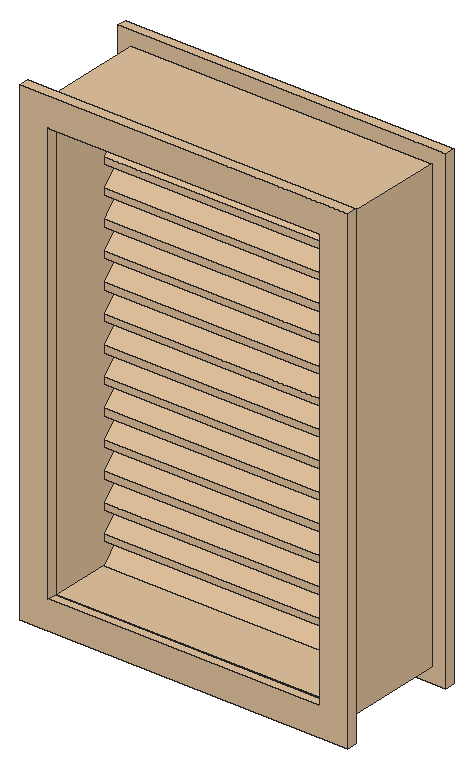
Revit family
Parameters (values of type "0406 x 0610mm")
  프레임 재료 = 목재 - 자작나무
  미늘창 재료 = 목재 - 자작나무
  기본 씰 높이 = 915.00 mm
  자르기 외부 재료 = 목재 - 자작나무
  자르기 내부 재료 = 목재 - 자작나무
  자르기 투영 - 외부 = 13.00 mm
  자르기 투영 - 내부 = 13.00 mm
  자르기 폭 - 외부 = 38.00 mm
  자르기 폭 - 내부 = 38.00 mm
  Wall Closure = (empty or 0)
  Width = 406.00 mm
Types (3, lengths in mm): name | Width
  (no name) | 406.00
  0610 x 0610mm | 610.00
  0406 x 0610mm | 406.00
Reference planes
  plane 1: y = 0
  plane 2: z = 0
  plane 3 "중심": x = 0
  plane 4 "왼쪽": x = -203
  plane 5 "오른쪽": x = 203
  plane 6 "씰": z = 915
  plane 7 "상단": z = 1524.6
  plane 8: y = 69.85
  plane 9: y = -82.55
  plane 10: x = -183.95
  plane 11: x = -221.95
  plane 12: x = -221.95
  plane 13: x = 221.95
  plane 14: x = 221.95
  plane 15: x = 183.95
  plane 16: z = 1543.55
  plane 17: z = 1543.55
  plane 18: z = 1505.55
  plane 19: z = 934.05
  plane 20: z = 896.05
  plane 21: z = 896.05
  plane 22: y = -1.992
Forms (mm)
  Extrusion 1, solid, material "목재 - 자작나무" <- "프레임 재료"
    sketch origin (0, 0, 0) x (1, 0, 0) y (0, 0, 1)
      loop
        line (-203, 1524.6) -> (-203, 915) -> (203, 915) -> (203, 1524.6) -> (-203, 1524.6)
      loop
        line (-183.95, 1505.55) -> (-183.95, 934.05) -> (183.95, 934.05) -> (183.95, 1505.55) -> (-183.95, 1505.55)
    from -69.85 to 82.55
  Extrusion 2, solid, material "목재 - 자작나무" <- "자르기 내부 재료"
    sketch origin (0, 0, 0) x (1, 0, 0) y (0, 0, 1)
      loop
        line (-183.95, 1505.55) -> (-183.95, 934.05) -> (183.95, 934.05) -> (183.95, 1505.55) -> (-183.95, 1505.55)
      loop
        line (-221.95, 1543.55) -> (-221.95, 896.05) -> (221.95, 896.05) -> (221.95, 1543.55) -> (-221.95, 1543.55)
    from 82.55 to 95.55
  Extrusion 3, solid, material "목재 - 자작나무" <- "자르기 외부 재료"
    sketch origin (0, 0, 0) x (-1, 0, 0) y (0, 0, 1)
      loop
        line (-183.95, 1505.55) -> (-183.95, 934.05) -> (183.95, 934.05) -> (183.95, 1505.55) -> (-183.95, 1505.55)
      loop
        line (-221.95, 1543.55) -> (-221.95, 896.05) -> (221.95, 896.05) -> (221.95, 1543.55) -> (-221.95, 1543.55)
    from 69.85 to 82.85
  Extrusion 4, solid, material "목재 - 자작나무" <- "미늘창 재료"
    sketch origin (0, 0, 0) x (0, -1, 0) y (0, 0, 1)
      loop
        line (-69.85, 934.05) -> (-60.87, 934.05) -> (-33.929, 960.991) -> (-6.988, 934.05) -> (1.992, 934.05) -> (-33.929, 969.971) -> (-69.85, 934.05)
      loop
        line (-69.85, 972.15) -> (-69.85, 963.17) -> (-33.929, 999.091) -> (1.992, 963.17) -> (1.992, 972.15) -> (-33.929, 1008.071) -> (-69.85, 972.15)
      loop
        line (-69.85, 1010.25) -> (-69.85, 1001.27) -> (-33.929, 1037.191) -> (1.992, 1001.27) -> (1.992, 1010.25) -> (-33.929, 1046.171) -> (-69.85, 1010.25)
      loop
        line (-69.85, 1048.35) -> (-69.85, 1039.37) -> (-33.929, 1075.291) -> (1.992, 1039.37) -> (1.992, 1048.35) -> (-33.929, 1084.271) -> (-69.85, 1048.35)
      loop
        line (-69.85, 1086.45) -> (-69.85, 1077.47) -> (-33.929, 1113.391) -> (1.992, 1077.47) -> (1.992, 1086.45) -> (-33.929, 1122.371) -> (-69.85, 1086.45)
      loop
        line (-69.85, 1124.55) -> (-69.85, 1115.57) -> (-33.929, 1151.491) -> (1.992, 1115.57) -> (1.992, 1124.55) -> (-33.929, 1160.471) -> (-69.85, 1124.55)
      loop
        line (-69.85, 1162.65) -> (-69.85, 1153.67) -> (-33.929, 1189.591) -> (1.992, 1153.67) -> (1.992, 1162.65) -> (-33.929, 1198.571) -> (-69.85, 1162.65)
      loop
        line (-69.85, 1200.75) -> (-69.85, 1191.77) -> (-33.929, 1227.691) -> (1.992, 1191.77) -> (1.992, 1200.75) -> (-33.929, 1236.671) -> (-69.85, 1200.75)
      loop
        line (-69.85, 1238.85) -> (-69.85, 1229.87) -> (-33.929, 1265.791) -> (1.992, 1229.87) -> (1.992, 1238.85) -> (-33.929, 1274.771) -> (-69.85, 1238.85)
      loop
        line (-69.85, 1276.95) -> (-69.85, 1267.97) -> (-33.929, 1303.891) -> (1.992, 1267.97) -> (1.992, 1276.95) -> (-33.929, 1312.871) -> (-69.85, 1276.95)
      loop
        line (-69.85, 1315.05) -> (-69.85, 1306.07) -> (-33.929, 1341.991) -> (1.992, 1306.07) -> (1.992, 1315.05) -> (-33.929, 1350.971) -> (-69.85, 1315.05)
      loop
        line (-69.85, 1353.15) -> (-69.85, 1344.17) -> (-33.929, 1380.091) -> (1.992, 1344.17) -> (1.992, 1353.15) -> (-33.929, 1389.071) -> (-69.85, 1353.15)
      loop
        line (-69.85, 1391.25) -> (-69.85, 1382.27) -> (-33.929, 1418.191) -> (1.992, 1382.27) -> (1.992, 1391.25) -> (-33.929, 1427.171) -> (-69.85, 1391.25)
      loop
        line (-69.85, 1429.35) -> (-69.85, 1420.37) -> (-33.929, 1456.291) -> (1.992, 1420.37) -> (1.992, 1429.35) -> (-33.929, 1465.171) -> (-69.85, 1429.35)
      loop
        line (-69.85, 1467.35) -> (-69.85, 1458.37) -> (-33.929, 1494.291) -> (1.992, 1458.37) -> (1.992, 1467.35) -> (-33.929, 1503.271) -> (-69.85, 1467.35)
    from -183.95 to 183.95
Lines and regions (mm)
  Opening 1
    outline origin (-1524, -82.55, 0) x (1, 0, 0) y (0, 0, 1)
      loop
        line (1321, 1524.6) -> (1321, 915) -> (1727, 915) -> (1727, 1524.6) -> (1321, 1524.6)
  symbolic lines, style "WindowsFrameMullionProjection"
    curve 1: line (-203, 69.85, 0) -> (-183.95, 69.85, 0)
    curve 2: line (-183.95, -82.55, 0) -> (-183.95, 69.85, 0)
    curve 3: line (203, 69.85, 0) -> (183.95, 69.85, 0)
    curve 4: line (183.95, -82.55, 0) -> (183.95, 69.85, 0)
    curve 5: line (-183.95, -82.55, 0) -> (-203, -82.55, 0)
    curve 6: line (183.95, -82.55, 0) -> (203, -82.55, 0)
    curve 7: line (-183.95, 57.15, 1429.35) -> (183.95, 57.15, 1429.35)
    curve 8: line (-183.95, 57.15, 1391.25) -> (183.95, 57.15, 1391.25)
    curve 9: line (-183.95, 57.15, 1353.15) -> (183.95, 57.15, 1353.15)
    curve 10: line (-183.95, 57.15, 1315.05) -> (183.95, 57.15, 1315.05)
    curve 11: line (-183.95, 57.15, 1276.95) -> (183.95, 57.15, 1276.95)
    curve 12: line (-183.95, 57.15, 1238.85) -> (183.95, 57.15, 1238.85)
    curve 13: line (-183.95, 57.15, 1200.75) -> (183.95, 57.15, 1200.75)
    curve 14: line (-183.95, 57.15, 1162.65) -> (183.95, 57.15, 1162.65)
    curve 15: line (-183.95, 57.15, 1124.55) -> (183.95, 57.15, 1124.55)
    curve 16: line (-183.95, 57.15, 1086.45) -> (183.95, 57.15, 1086.45)
    curve 17: line (-183.95, 57.15, 1048.35) -> (183.95, 57.15, 1048.35)
    curve 18: line (-183.95, 57.15, 1010.25) -> (183.95, 57.15, 1010.25)
    curve 19: line (-183.95, 57.15, 972.15) -> (183.95, 57.15, 972.15)
    curve 20: line (-183.95, 57.15, 1467.45) -> (183.95, 57.15, 1467.45)
    curve 21: line (-183.95, -1.992, 0) -> (183.95, -1.992, 0)
    curve 22: line (183.95, 69.85, 0) -> (-183.95, 69.85, 0)
Text (mm)
  text "외부" at (-732.227, 621.858, 0), in view "바닥 선"
  text "내부" at (-732.227, -875.3, 0), in view "바닥 선"
  text "외부" at (0, 788.537, 2013.563), in view "왼쪽"
  text "외부" at (0, 464.664, 3176.206), in view "오른쪽"
Dimensions and locks
  equal spacing: plane 4 "왼쪽", plane 3 "중심", plane 5 "오른쪽"
  "Width": plane 4 "왼쪽" to plane 5 "오른쪽"
  "기본 씰 높이": plane 2 to plane 6 "씰"
  "자르기 투영 - 내부": Extrusion 2 to Extrusion 2
  "자르기 투영 - 외부": Extrusion 3 to Extrusion 3
  locked: plane 4 "왼쪽" to plane 10 at 19.05
  locked: plane 15 to plane 5 "오른쪽" at 19.05
  plane 18 to plane 7 "상단" = 19.05 mm
  "자르기 폭 - 외부": plane 18 to plane 16
  "자르기 폭 - 외부": plane 15 to plane 13
  "자르기 폭 - 외부": plane 11 to plane 10
  plane 19 to plane 6 "씰" = 19.05 mm
  "자르기 폭 - 내부": plane 19 to plane 20
  "자르기 폭 - 내부": plane 12 to plane 10
  "자르기 폭 - 내부": plane 15 to plane 14
  "자르기 폭 - 내부": plane 17 to plane 18
  "자르기 폭 - 외부": plane 21 to plane 19
  locked: plane 8 to plane 22 at 71.842
  locked: plane 10 to Extrusion 4 at 0
  locked: Extrusion 4 to plane 15
  locked: plane 6 "씰" to plane 7 "상단" at 609.6
  aligned and locked: plane 7 "상단" to Opening 1 sketch curve
  aligned and locked: plane 6 "씰" to Opening 1 sketch curve  (x2)
  aligned and locked: plane 5 "오른쪽" to Opening 1 sketch curve
  aligned and locked: plane 4 "왼쪽" to Opening 1 sketch curve
  aligned and locked: plane 9 to host wall
  aligned and locked: plane 8 to host wall
  aligned and locked: host wall to Extrusion 1  (x2)
  aligned and locked: curve 3 to Extrusion 1  (x2)
  aligned and locked: Extrusion 2 to host wall
  aligned and locked: Extrusion 3 sketch curve to Extrusion 1  (x4)
  aligned and locked: Extrusion 3 to host wall
Automatic sketch dimensions
  Extrusion 1 sketch curve to plane 4 "왼쪽" = 0.00 mm
  Extrusion 1 sketch curve to plane 5 "오른쪽" = 0.00 mm
  Extrusion 1 sketch curve to plane 4 "왼쪽" = 19.05 mm
  plane 5 "오른쪽" to Extrusion 1 sketch curve = 19.05 mm
  Extrusion 1 sketch curve to plane 6 "씰" = 0.00 mm
  Extrusion 1 sketch curve to plane 7 "상단" = 0.00 mm
  Extrusion 1 sketch curve to plane 6 "씰" = 19.05 mm
  plane 7 "상단" to Extrusion 1 sketch curve = 19.05 mm
  Extrusion 2 sketch curve to plane 12 = 0.00 mm
  Extrusion 2 sketch curve to plane 10 = 0.00 mm
  Extrusion 2 sketch curve to plane 15 = 0.00 mm
  Extrusion 2 sketch curve to plane 14 = 0.00 mm
  Extrusion 2 sketch curve to plane 20 = 0.00 mm
  Extrusion 2 sketch curve to plane 19 = 0.00 mm
  Extrusion 2 sketch curve to plane 18 = 0.00 mm
  Extrusion 2 sketch curve to plane 17 = 0.00 mm
  Extrusion 3 sketch curve to plane 13 = 0.00 mm
  Extrusion 3 sketch curve to plane 11 = 0.00 mm
  Extrusion 3 sketch curve to plane 21 = 0.00 mm
  Extrusion 3 sketch curve to plane 16 = 0.00 mm
  Extrusion 4 sketch curve to plane 8 = 0.00 mm  (x35)
  Extrusion 4 sketch curve to plane 22 = 0.00 mm  (x35)
  plane 18 to Extrusion 4 sketch curve = 76.20 mm  (x4)
  plane 16 to Extrusion 4 sketch curve = 76.20 mm  (x4)
  Extrusion 4 sketch curve to Extrusion 4 sketch curve = 8.98 mm  (x38)
  Extrusion 4 sketch curve to plane 8 = 35.921 mm  (x13)
  Extrusion 4 sketch curve to Extrusion 4 sketch curve = 0.00 mm  (x97)
  plane 18 to Extrusion 4 sketch curve = 87.359 mm  (x2)
  plane 7 "상단" to Extrusion 4 sketch curve = 68.309 mm  (x2)
  plane 16 to Extrusion 4 sketch curve = 78.379 mm  (x2)
  plane 18 to Extrusion 4 sketch curve = 78.379 mm  (x2)
  Extrusion 4 sketch curve to Extrusion 4 sketch curve = 38.10 mm  (x2)
  Extrusion 4 sketch curve to Extrusion 4 sketch curve = 29.12 mm  (x35)
  plane 16 to Extrusion 4 sketch curve = 49.259 mm
  curve 20 to plane 15 = 0.00 mm
  curve 20 to plane 10 = 0.00 mm
  curve 7 to plane 10 = 0.00 mm
  curve 7 to plane 15 = 0.00 mm
  curve 8 to plane 15 = 0.00 mm
  curve 8 to plane 10 = 0.00 mm
  curve 9 to plane 10 = 0.00 mm
  curve 9 to plane 15 = 0.00 mm
  curve 10 to plane 10 = 0.00 mm
  curve 10 to plane 15 = 0.00 mm
  curve 11 to plane 15 = 0.00 mm
  curve 11 to plane 10 = 0.00 mm
  curve 12 to plane 15 = 0.00 mm
  curve 12 to plane 10 = 0.00 mm
  curve 13 to plane 15 = 0.00 mm
  curve 13 to plane 10 = 0.00 mm
  curve 14 to plane 15 = 0.00 mm
  curve 14 to plane 10 = 0.00 mm
  curve 15 to plane 10 = 0.00 mm
  curve 15 to plane 15 = 0.00 mm
  curve 16 to plane 10 = 0.00 mm
  curve 16 to plane 15 = 0.00 mm
  curve 17 to plane 15 = 0.00 mm
  curve 17 to plane 10 = 0.00 mm
  curve 18 to plane 10 = 0.00 mm
  curve 18 to plane 15 = 0.00 mm
  curve 19 to plane 10 = 0.00 mm
  curve 19 to plane 15 = 0.00 mm
  plane 7 "상단" to curve 20 = 57.15 mm
  curve 20 to curve 7 = 38.10 mm
  curve 7 to curve 8 = 38.10 mm
  curve 8 to curve 9 = 38.10 mm
  curve 9 to curve 10 = 38.10 mm
  curve 10 to curve 11 = 38.10 mm
  curve 11 to curve 12 = 38.10 mm
  curve 12 to curve 13 = 38.10 mm
  curve 13 to curve 14 = 38.10 mm
  curve 14 to curve 15 = 38.10 mm
  curve 15 to curve 16 = 38.10 mm
  curve 16 to curve 17 = 38.10 mm
  curve 17 to curve 18 = 38.10 mm
  curve 18 to curve 19 = 38.10 mm
  curve 5 to plane 4 "왼쪽" = 0.00 mm
  curve 1 to plane 4 "왼쪽" = 0.00 mm
  curve 2 to plane 10 = 0.00 mm
  curve 3 to plane 15 = 0.00 mm
  curve 6 to plane 5 "오른쪽" = 0.00 mm
  curve 5 to plane 9 = 0.00 mm
  curve 4 to plane 9 = 0.00 mm
  plane 1 to curve 21 = 1.992 mm
